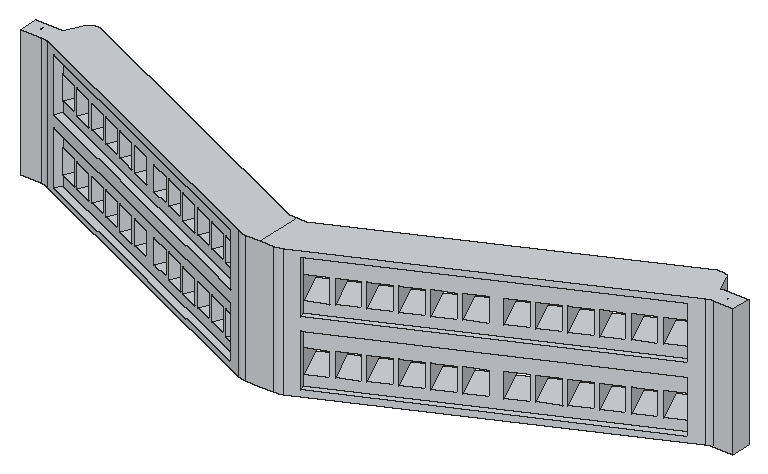
Revit family
Parameters (values of type "TEXT")
  Material ID = "760151746"
  Description = "SYSTIMAX 360 Evolve High Density F/UTP Angled Modular Panel, 48 port"
Reference planes (in)
  plane 1 "Center (Front/Back)": y = 0
  plane 2: z = 0
  plane 3 "Center (Left/Right)": x = 0
  plane 4: x = 0
Forms (in)
  Extrusion 1, solid
    sketch origin (0, 0, 0) x (1, 0, 0) y (0, 0, 1)
      loop
        line (0, 1.72) -> (-9.5, 1.72) -> (-9.5, -1.75) -> (0, -1.75) -> (9.5, -1.75) -> (9.5, 1.72) -> (0, 1.72)
    from 0 to 5
  Extrusion 2, void
    sketch origin (0, 0, 0) x (1, 0, 0) y (0, 1, 0)
      loop
        line (0, -3.75) -> (0.22211, -3.75) -> (8.20539, -0.02733)
        arc (8.20539, -0.02733) -> (8.4054, -0.01671) -> (8.56751, -0.13432) r 0.3
        line (8.56751, -0.13432) -> (8.78, -0.59) -> (10.67789, -0.59) -> (10.67789, 1.58554) -> (-10.07211, 1.58554) -> (-10.07211, -0.59) -> (-8.78, -0.59) -> (-8.56751, -0.13432)
        arc (-8.56751, -0.13432) -> (-8.4054, -0.01671) -> (-8.20539, -0.02733) r 0.3
        line (-8.20539, -0.02733) -> (-0.22211, -3.75) -> (0, -3.75)
      loop
        line (0, -5) -> (-0.37185, -5)
        arc (-0.37185, -5) -> (-0.49223, -4.98735) -> (-0.60735, -4.94994) r 0.57899
        line (-0.60735, -4.94994) -> (-8.77297, -1.14225)
        arc (-8.77297, -1.14225) -> (-8.86654, -1.11064) -> (-8.96473, -1.1) r 0.45422
        line (-8.96473, -1.1) -> (-10.07211, -1.1) -> (-10.07211, -6.6) -> (10.67789, -6.6) -> (10.67789, -1.1) -> (8.96473, -1.1)
        arc (8.96473, -1.1) -> (8.86654, -1.11064) -> (8.77297, -1.14225) r 0.45422
        line (8.77297, -1.14225) -> (0.60735, -4.94994)
        arc (0.60735, -4.94994) -> (0.49223, -4.98735) -> (0.37185, -5) r 0.57899
        line (0.37185, -5) -> (0, -5)
    from -9.81041 to 12
  Extrusion 3, void
    sketch origin (-0.5, -5, 0) x (0.906308, -0.422618, 0) y (0, 0, -1)
      loop
        line (-8.78097, -1.575) -> (-0.48097, -1.575) -> (-0.48097, -0.145) -> (-8.78097, -0.145) -> (-8.78097, -1.575)
    from 0 to 0.2
  Extrusion 4, void
    sketch origin (-0.5, -5, 0) x (0.906308, -0.422618, 0) y (0, 0, -1)
      loop
        line (-8.77097, -1.065) -> (-8.20097, -1.065) -> (-8.20097, -0.415) -> (-8.77097, -0.415) -> (-8.77097, -1.065)
    from -6.11684 to 3.83475
  Extrusion 5, void
    sketch origin (0.11223, -5.28549, 0) x (0.906308, -0.422618, 0) y (0, 0, -1)
      loop
        line (-8.77097, -1.065) -> (-8.20097, -1.065) -> (-8.20097, -0.415) -> (-8.77097, -0.415) -> (-8.77097, -1.065)
    from -6.11684 to 3.83475
  Extrusion 6, void
    sketch origin (0.72447, -5.57098, 0) x (0.906308, -0.422618, 0) y (0, 0, -1)
      loop
        line (-8.77097, -1.065) -> (-8.20097, -1.065) -> (-8.20097, -0.415) -> (-8.77097, -0.415) -> (-8.77097, -1.065)
    from -6.11684 to 3.83475
  Extrusion 7, void
    sketch origin (1.3367, -5.85647, 0) x (0.906308, -0.422618, 0) y (0, 0, -1)
      loop
        line (-8.77097, -1.065) -> (-8.20097, -1.065) -> (-8.20097, -0.415) -> (-8.77097, -0.415) -> (-8.77097, -1.065)
    from -6.11684 to 3.83475
  Extrusion 8, void
    sketch origin (1.94893, -6.14195, 0) x (0.906308, -0.422618, 0) y (0, 0, -1)
      loop
        line (-8.77097, -1.065) -> (-8.20097, -1.065) -> (-8.20097, -0.415) -> (-8.77097, -0.415) -> (-8.77097, -1.065)
    from -6.11684 to 3.83475
  Extrusion 9, void
    sketch origin (2.56116, -6.42744, 0) x (0.906308, -0.422618, 0) y (0, 0, -1)
      loop
        line (-8.77097, -1.065) -> (-8.20097, -1.065) -> (-8.20097, -0.415) -> (-8.77097, -0.415) -> (-8.77097, -1.065)
    from -6.11684 to 3.83475
  Extrusion 10, void
    sketch origin (3.39732, -6.81735, 0) x (0.906308, -0.422618, 0) y (0, 0, -1)
      loop
        line (-8.77097, -1.065) -> (-8.20097, -1.065) -> (-8.20097, -0.415) -> (-8.77097, -0.415) -> (-8.77097, -1.065)
    from -6.11684 to 3.83475
  Extrusion 11, void
    sketch origin (4.00955, -7.10284, 0) x (0.906308, -0.422618, 0) y (0, 0, -1)
      loop
        line (-8.77097, -1.065) -> (-8.20097, -1.065) -> (-8.20097, -0.415) -> (-8.77097, -0.415) -> (-8.77097, -1.065)
    from -6.11684 to 3.83475
  Extrusion 12, void
    sketch origin (4.62179, -7.38833, 0) x (0.906308, -0.422618, 0) y (0, 0, -1)
      loop
        line (-8.77097, -1.065) -> (-8.20097, -1.065) -> (-8.20097, -0.415) -> (-8.77097, -0.415) -> (-8.77097, -1.065)
    from -6.11684 to 3.83475
  Extrusion 13, void
    sketch origin (5.23402, -7.67382, 0) x (0.906308, -0.422618, 0) y (0, 0, -1)
      loop
        line (-8.77097, -1.065) -> (-8.20097, -1.065) -> (-8.20097, -0.415) -> (-8.77097, -0.415) -> (-8.77097, -1.065)
    from -6.11684 to 3.83475
  Extrusion 14, void
    sketch origin (5.84625, -7.95931, 0) x (0.906308, -0.422618, 0) y (0, 0, -1)
      loop
        line (-8.77097, -1.065) -> (-8.20097, -1.065) -> (-8.20097, -0.415) -> (-8.77097, -0.415) -> (-8.77097, -1.065)
    from -6.11684 to 3.83475
  Extrusion 15, void
    sketch origin (6.45848, -8.24479, 0) x (0.906308, -0.422618, 0) y (0, 0, -1)
      loop
        line (-8.77097, -1.065) -> (-8.20097, -1.065) -> (-8.20097, -0.415) -> (-8.77097, -0.415) -> (-8.77097, -1.065)
    from -6.11684 to 3.83475
  Extrusion 16, void
    sketch origin (0.5, -5, 0) x (-0.906308, -0.422618, 0) y (0, 0, 1)
      loop
        line (-8.78097, 1.575) -> (-8.78097, 0.145) -> (-0.48097, 0.145) -> (-0.48097, 1.575) -> (-8.78097, 1.575)
    from 0 to 0.2
  Extrusion 17, void
    sketch origin (0.5, -5, 0) x (-0.906308, -0.422618, 0) y (0, 0, 1)
      loop
        line (-8.77097, 1.065) -> (-8.77097, 0.415) -> (-8.20097, 0.415) -> (-8.20097, 1.065) -> (-8.77097, 1.065)
    from -6.11684 to 3.83475
  Extrusion 18, void
    sketch origin (-0.11911, -5.2887, 0) x (-0.906308, -0.422618, 0) y (0, 0, 1)
      loop
        line (-8.77097, 1.065) -> (-8.77097, 0.415) -> (-8.20097, 0.415) -> (-8.20097, 1.065) -> (-8.77097, 1.065)
    from -6.11684 to 3.83475
  Extrusion 19, void
    sketch origin (-0.73822, -5.57739, 0) x (-0.906308, -0.422618, 0) y (0, 0, 1)
      loop
        line (-8.77097, 1.065) -> (-8.77097, 0.415) -> (-8.20097, 0.415) -> (-8.20097, 1.065) -> (-8.77097, 1.065)
    from -6.11684 to 3.83475
  Extrusion 20, void
    sketch origin (-1.35733, -5.86609, 0) x (-0.906308, -0.422618, 0) y (0, 0, 1)
      loop
        line (-8.77097, 1.065) -> (-8.77097, 0.415) -> (-8.20097, 0.415) -> (-8.20097, 1.065) -> (-8.77097, 1.065)
    from -6.11684 to 3.83475
  Extrusion 21, void
    sketch origin (-1.97644, -6.15478, 0) x (-0.906308, -0.422618, 0) y (0, 0, 1)
      loop
        line (-8.77097, 1.065) -> (-8.77097, 0.415) -> (-8.20097, 0.415) -> (-8.20097, 1.065) -> (-8.77097, 1.065)
    from -6.11684 to 3.83475
  Extrusion 22, void
    sketch origin (-2.59555, -6.44348, 0) x (-0.906308, -0.422618, 0) y (0, 0, 1)
      loop
        line (-8.77097, 1.065) -> (-8.77097, 0.415) -> (-8.20097, 0.415) -> (-8.20097, 1.065) -> (-8.77097, 1.065)
    from -6.11684 to 3.83475
  Extrusion 23, void
    sketch origin (-3.3948, -6.81617, 0) x (-0.906308, -0.422618, 0) y (0, 0, 1)
      loop
        line (-8.77097, 1.065) -> (-8.77097, 0.415) -> (-8.20097, 0.415) -> (-8.20097, 1.065) -> (-8.77097, 1.065)
    from -6.11684 to 3.83475
  Extrusion 24, void
    sketch origin (-4.01391, -7.10487, 0) x (-0.906308, -0.422618, 0) y (0, 0, 1)
      loop
        line (-8.77097, 1.065) -> (-8.77097, 0.415) -> (-8.20097, 0.415) -> (-8.20097, 1.065) -> (-8.77097, 1.065)
    from -6.11684 to 3.83475
  Extrusion 25, void
    sketch origin (-4.63302, -7.39357, 0) x (-0.906308, -0.422618, 0) y (0, 0, 1)
      loop
        line (-8.77097, 1.065) -> (-8.77097, 0.415) -> (-8.20097, 0.415) -> (-8.20097, 1.065) -> (-8.77097, 1.065)
    from -6.11684 to 3.83475
  Extrusion 26, void
    sketch origin (-5.25213, -7.68226, 0) x (-0.906308, -0.422618, 0) y (0, 0, 1)
      loop
        line (-8.77097, 1.065) -> (-8.77097, 0.415) -> (-8.20097, 0.415) -> (-8.20097, 1.065) -> (-8.77097, 1.065)
    from -6.11684 to 3.83475
  Extrusion 27, void
    sketch origin (-5.87124, -7.97096, 0) x (-0.906308, -0.422618, 0) y (0, 0, 1)
      loop
        line (-8.77097, 1.065) -> (-8.77097, 0.415) -> (-8.20097, 0.415) -> (-8.20097, 1.065) -> (-8.77097, 1.065)
    from -6.11684 to 3.83475
  Extrusion 28, void
    sketch origin (-6.49035, -8.25965, 0) x (-0.906308, -0.422618, 0) y (0, 0, 1)
      loop
        line (-8.77097, 1.065) -> (-8.77097, 0.415) -> (-8.20097, 0.415) -> (-8.20097, 1.065) -> (-8.77097, 1.065)
    from -6.11684 to 3.83475
  Extrusion 29, void
    sketch origin (0, 0, 0) x (1, 0, 0) y (0, 0, 1)
      loop
        line (-9.23838, 0.095) -> (-9.11238, 0.095)
        arc (-9.11238, 0.095) -> (-8.97238, 0.235) -> (-9.11238, 0.375) r 0.14
        line (-9.11238, 0.375) -> (-9.23838, 0.375)
        arc (-9.23838, 0.375) -> (-9.37838, 0.235) -> (-9.23838, 0.095) r 0.14
      loop
        line (-9.23838, 1.345) -> (-9.11238, 1.345)
        arc (-9.11238, 1.345) -> (-8.97238, 1.485) -> (-9.11238, 1.625) r 0.14
        line (-9.11238, 1.625) -> (-9.23838, 1.625)
        arc (-9.23838, 1.625) -> (-9.37838, 1.485) -> (-9.23838, 1.345) r 0.14
    from -1.65585 to 1.01797
  Extrusion 30, void
    sketch origin (0, 0, 0) x (-1, 0, 0) y (0, 0, -1)
      loop
        arc (-9.23838, -0.095) -> (-9.37838, -0.235) -> (-9.23838, -0.375) r 0.14
        line (-9.23838, -0.375) -> (-9.11238, -0.375)
        arc (-9.11238, -0.375) -> (-8.97238, -0.235) -> (-9.11238, -0.095) r 0.14
        line (-9.11238, -0.095) -> (-9.23838, -0.095)
      loop
        arc (-9.23838, -1.345) -> (-9.37838, -1.485) -> (-9.23838, -1.625) r 0.14
        line (-9.23838, -1.625) -> (-9.11238, -1.625)
        arc (-9.11238, -1.625) -> (-8.97238, -1.485) -> (-9.11238, -1.345) r 0.14
        line (-9.11238, -1.345) -> (-9.23838, -1.345)
    from -1.65585 to 1.01797
  Extrusion 31, void
    sketch origin (0.5, -5, -1.75) x (-0.906308, -0.422618, 0) y (0, 0, 1)
      loop
        line (-8.78097, 1.575) -> (-8.78097, 0.145) -> (-0.48097, 0.145) -> (-0.48097, 1.575) -> (-8.78097, 1.575)
    from 0 to 0.2
  Extrusion 32, void
    sketch origin (-0.5, -5, -1.75) x (0.906308, -0.422618, 0) y (0, 0, -1)
      loop
        line (-8.78097, -1.575) -> (-0.48097, -1.575) -> (-0.48097, -0.145) -> (-8.78097, -0.145) -> (-8.78097, -1.575)
    from 0 to 0.2
  Extrusion 33, void
    sketch origin (0.5, -5, -1.75) x (-0.906308, -0.422618, 0) y (0, 0, 1)
      loop
        line (-8.77097, 1.065) -> (-8.77097, 0.415) -> (-8.20097, 0.415) -> (-8.20097, 1.065) -> (-8.77097, 1.065)
    from -6.11684 to 3.83475
  Extrusion 34, void
    sketch origin (-0.11911, -5.2887, -1.75) x (-0.906308, -0.422618, 0) y (0, 0, 1)
      loop
        line (-8.77097, 1.065) -> (-8.77097, 0.415) -> (-8.20097, 0.415) -> (-8.20097, 1.065) -> (-8.77097, 1.065)
    from -6.11684 to 3.83475
  Extrusion 35, void
    sketch origin (-0.73822, -5.57739, -1.75) x (-0.906308, -0.422618, 0) y (0, 0, 1)
      loop
        line (-8.77097, 1.065) -> (-8.77097, 0.415) -> (-8.20097, 0.415) -> (-8.20097, 1.065) -> (-8.77097, 1.065)
    from -6.11684 to 3.83475
  Extrusion 36, void
    sketch origin (-1.35733, -5.86609, -1.75) x (-0.906308, -0.422618, 0) y (0, 0, 1)
      loop
        line (-8.77097, 1.065) -> (-8.77097, 0.415) -> (-8.20097, 0.415) -> (-8.20097, 1.065) -> (-8.77097, 1.065)
    from -6.11684 to 3.83475
  Extrusion 37, void
    sketch origin (-1.97644, -6.15478, -1.75) x (-0.906308, -0.422618, 0) y (0, 0, 1)
      loop
        line (-8.77097, 1.065) -> (-8.77097, 0.415) -> (-8.20097, 0.415) -> (-8.20097, 1.065) -> (-8.77097, 1.065)
    from -6.11684 to 3.83475
  Extrusion 38, void
    sketch origin (-2.59555, -6.44348, -1.75) x (-0.906308, -0.422618, 0) y (0, 0, 1)
      loop
        line (-8.77097, 1.065) -> (-8.77097, 0.415) -> (-8.20097, 0.415) -> (-8.20097, 1.065) -> (-8.77097, 1.065)
    from -6.11684 to 3.83475
  Extrusion 39, void
    sketch origin (-3.3948, -6.81617, -1.75) x (-0.906308, -0.422618, 0) y (0, 0, 1)
      loop
        line (-8.77097, 1.065) -> (-8.77097, 0.415) -> (-8.20097, 0.415) -> (-8.20097, 1.065) -> (-8.77097, 1.065)
    from -6.11684 to 3.83475
  Extrusion 40, void
    sketch origin (-4.01391, -7.10487, -1.75) x (-0.906308, -0.422618, 0) y (0, 0, 1)
      loop
        line (-8.77097, 1.065) -> (-8.77097, 0.415) -> (-8.20097, 0.415) -> (-8.20097, 1.065) -> (-8.77097, 1.065)
    from -6.11684 to 3.83475
  Extrusion 41, void
    sketch origin (-4.63302, -7.39357, -1.75) x (-0.906308, -0.422618, 0) y (0, 0, 1)
      loop
        line (-8.77097, 1.065) -> (-8.77097, 0.415) -> (-8.20097, 0.415) -> (-8.20097, 1.065) -> (-8.77097, 1.065)
    from -6.11684 to 3.83475
  Extrusion 42, void
    sketch origin (-5.25213, -7.68226, -1.75) x (-0.906308, -0.422618, 0) y (0, 0, 1)
      loop
        line (-8.77097, 1.065) -> (-8.77097, 0.415) -> (-8.20097, 0.415) -> (-8.20097, 1.065) -> (-8.77097, 1.065)
    from -6.11684 to 3.83475
  Extrusion 43, void
    sketch origin (-5.87124, -7.97096, -1.75) x (-0.906308, -0.422618, 0) y (0, 0, 1)
      loop
        line (-8.77097, 1.065) -> (-8.77097, 0.415) -> (-8.20097, 0.415) -> (-8.20097, 1.065) -> (-8.77097, 1.065)
    from -6.11684 to 3.83475
  Extrusion 44, void
    sketch origin (-6.49035, -8.25965, -1.75) x (-0.906308, -0.422618, 0) y (0, 0, 1)
      loop
        line (-8.77097, 1.065) -> (-8.77097, 0.415) -> (-8.20097, 0.415) -> (-8.20097, 1.065) -> (-8.77097, 1.065)
    from -6.11684 to 3.83475
  Extrusion 45, void
    sketch origin (-0.5, -5, -1.75) x (0.906308, -0.422618, 0) y (0, 0, -1)
      loop
        line (-8.77097, -1.065) -> (-8.20097, -1.065) -> (-8.20097, -0.415) -> (-8.77097, -0.415) -> (-8.77097, -1.065)
    from -6.11684 to 3.83475
  Extrusion 46, void
    sketch origin (0.11223, -5.28549, -1.75) x (0.906308, -0.422618, 0) y (0, 0, -1)
      loop
        line (-8.77097, -1.065) -> (-8.20097, -1.065) -> (-8.20097, -0.415) -> (-8.77097, -0.415) -> (-8.77097, -1.065)
    from -6.11684 to 3.83475
  Extrusion 47, void
    sketch origin (0.72447, -5.57098, -1.75) x (0.906308, -0.422618, 0) y (0, 0, -1)
      loop
        line (-8.77097, -1.065) -> (-8.20097, -1.065) -> (-8.20097, -0.415) -> (-8.77097, -0.415) -> (-8.77097, -1.065)
    from -6.11684 to 3.83475
  Extrusion 48, void
    sketch origin (1.3367, -5.85647, -1.75) x (0.906308, -0.422618, 0) y (0, 0, -1)
      loop
        line (-8.77097, -1.065) -> (-8.20097, -1.065) -> (-8.20097, -0.415) -> (-8.77097, -0.415) -> (-8.77097, -1.065)
    from -6.11684 to 3.83475
  Extrusion 49, void
    sketch origin (1.94893, -6.14195, -1.75) x (0.906308, -0.422618, 0) y (0, 0, -1)
      loop
        line (-8.77097, -1.065) -> (-8.20097, -1.065) -> (-8.20097, -0.415) -> (-8.77097, -0.415) -> (-8.77097, -1.065)
    from -6.11684 to 3.83475
  Extrusion 50, void
    sketch origin (2.56116, -6.42744, -1.75) x (0.906308, -0.422618, 0) y (0, 0, -1)
      loop
        line (-8.77097, -1.065) -> (-8.20097, -1.065) -> (-8.20097, -0.415) -> (-8.77097, -0.415) -> (-8.77097, -1.065)
    from -6.11684 to 3.83475
  Extrusion 51, void
    sketch origin (3.39732, -6.81735, -1.75) x (0.906308, -0.422618, 0) y (0, 0, -1)
      loop
        line (-8.77097, -1.065) -> (-8.20097, -1.065) -> (-8.20097, -0.415) -> (-8.77097, -0.415) -> (-8.77097, -1.065)
    from -6.11684 to 3.83475
  Extrusion 52, void
    sketch origin (4.00955, -7.10284, -1.75) x (0.906308, -0.422618, 0) y (0, 0, -1)
      loop
        line (-8.77097, -1.065) -> (-8.20097, -1.065) -> (-8.20097, -0.415) -> (-8.77097, -0.415) -> (-8.77097, -1.065)
    from -6.11684 to 3.83475
  Extrusion 53, void
    sketch origin (4.62179, -7.38833, -1.75) x (0.906308, -0.422618, 0) y (0, 0, -1)
      loop
        line (-8.77097, -1.065) -> (-8.20097, -1.065) -> (-8.20097, -0.415) -> (-8.77097, -0.415) -> (-8.77097, -1.065)
    from -6.11684 to 3.83475
  Extrusion 54, void
    sketch origin (5.23402, -7.67382, -1.75) x (0.906308, -0.422618, 0) y (0, 0, -1)
      loop
        line (-8.77097, -1.065) -> (-8.20097, -1.065) -> (-8.20097, -0.415) -> (-8.77097, -0.415) -> (-8.77097, -1.065)
    from -6.11684 to 3.83475
  Extrusion 55, void
    sketch origin (5.84625, -7.95931, -1.75) x (0.906308, -0.422618, 0) y (0, 0, -1)
      loop
        line (-8.77097, -1.065) -> (-8.20097, -1.065) -> (-8.20097, -0.415) -> (-8.77097, -0.415) -> (-8.77097, -1.065)
    from -6.11684 to 3.83475
  Extrusion 56, void
    sketch origin (6.45848, -8.24479, -1.75) x (0.906308, -0.422618, 0) y (0, 0, -1)
      loop
        line (-8.77097, -1.065) -> (-8.20097, -1.065) -> (-8.20097, -0.415) -> (-8.77097, -0.415) -> (-8.77097, -1.065)
    from -6.11684 to 3.83475
  Extrusion 57, void
    sketch origin (0, 0, -1.75) x (1, 0, 0) y (0, 0, 1)
      loop
        line (-9.23838, 0.095) -> (-9.11238, 0.095)
        arc (-9.11238, 0.095) -> (-8.97238, 0.235) -> (-9.11238, 0.375) r 0.14
        line (-9.11238, 0.375) -> (-9.23838, 0.375)
        arc (-9.23838, 0.375) -> (-9.37838, 0.235) -> (-9.23838, 0.095) r 0.14
      loop
        line (-9.23838, 1.345) -> (-9.11238, 1.345)
        arc (-9.11238, 1.345) -> (-8.97238, 1.485) -> (-9.11238, 1.625) r 0.14
        line (-9.11238, 1.625) -> (-9.23838, 1.625)
        arc (-9.23838, 1.625) -> (-9.37838, 1.485) -> (-9.23838, 1.345) r 0.14
    from -1.65585 to 1.01797
  Extrusion 58, void
    sketch origin (0, 0, -1.75) x (-1, 0, 0) y (0, 0, -1)
      loop
        arc (-9.23838, -0.095) -> (-9.37838, -0.235) -> (-9.23838, -0.375) r 0.14
        line (-9.23838, -0.375) -> (-9.11238, -0.375)
        arc (-9.11238, -0.375) -> (-8.97238, -0.235) -> (-9.11238, -0.095) r 0.14
        line (-9.11238, -0.095) -> (-9.23838, -0.095)
      loop
        arc (-9.23838, -1.345) -> (-9.37838, -1.485) -> (-9.23838, -1.625) r 0.14
        line (-9.23838, -1.625) -> (-9.11238, -1.625)
        arc (-9.11238, -1.625) -> (-8.97238, -1.485) -> (-9.11238, -1.345) r 0.14
        line (-9.11238, -1.345) -> (-9.23838, -1.345)
    from -1.65585 to 1.01797
Cuts and joins
  Extrusion 2, Extrusion 3, Extrusion 4, Extrusion 5, Extrusion 6, Extrusion 7, Extrusion 8, Extrusion 9, Extrusion 10, Extrusion 11, Extrusion 12, Extrusion 13, Extrusion 14, Extrusion 15, Extrusion 16, Extrusion 17, Extrusion 18, Extrusion 19, Extrusion 20, Extrusion 21, Extrusion 22, Extrusion 23, Extrusion 24, Extrusion 25, Extrusion 26, Extrusion 27, Extrusion 28, Extrusion 29, Extrusion 30, Extrusion 31, Extrusion 32, Extrusion 33, Extrusion 34, Extrusion 35, Extrusion 36, Extrusion 37, Extrusion 38, Extrusion 39, Extrusion 40, Extrusion 41, Extrusion 42, Extrusion 43, Extrusion 44, Extrusion 45, Extrusion 46, Extrusion 47, Extrusion 48, Extrusion 49, Extrusion 50, Extrusion 51, Extrusion 52, Extrusion 53, Extrusion 54, Extrusion 55, Extrusion 56, Extrusion 57, Extrusion 58 cuts Extrusion 1
Dimensions and locks (in)
  equal spacing: group 6, group 7, group 8, group 9, group 10, group 11  (x2)
  equal spacing: group 11, group 10, group 9, group 8, group 7, group 6
  equal spacing: group 17, group 16, group 15, group 14, group 13, group 12  (x2)
  equal spacing: group 12, group 13, group 14, group 15, group 16, group 17
